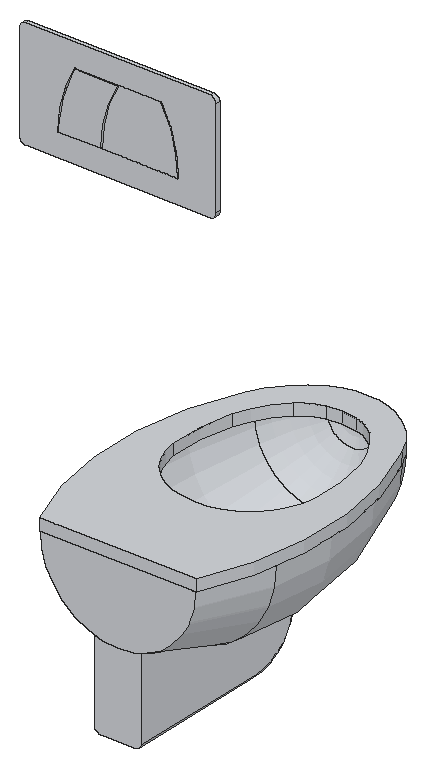
Revit family
Parameters (values of type "540 x 370mm")
  Seat Material = none
  Manufacturer = "Revit"
  Button Placement Height = 1000 mm
  Button Material = none
  Assembly Code = "D2010110"
Reference planes
  plane 1: y = 0
  plane 2 "Center (Left/Right)": x = 125
  plane 3 "Back": y = 75
Text (mm)
  text "Placement side" at (-1787.139, 592.35, 0), in view "Ref. Level"
  text "Placement side" at (0, 1827.695, 2917.686), in view "Left"
  text "Placement side" at (0, 562.268, 3853.606), in view "Right"
Dimensions and locks
  locked: plane 3 "Back" to host wall at 0
  "Button Placement Height": level to nested 1
  level to nested 2 = 430 mm
  aligned and locked: host wall to plane 1
  aligned and locked: plane 2 "Center (Left/Right)" to nested 1
  aligned and locked: plane 3 "Back" to nested 1
  aligned and locked: nested 2 to plane 3 "Back"
Nested families
  nested 1: "WC button" at (125, 75, 1000), type "340 x 190mm"
  nested 2: "WC seat_3" at (125, 75, 122.666), type "540 x 370mm"
Definition of nested family "WC button"
  Parameters (values of type "340 x 190mm")
    Material = none
    Manufacturer = "Revit"
    Assembly Code = "D2010"
  Reference planes
    plane 1 "Center (Front/Back)": y = 0
    plane 2: z = 0
    plane 3 "Center (Left/Right)": x = 0
  Forms (mm)
    Extrusion 1, solid, material <- "Material", detail levels medium+fine
      sketch origin (-125, 135, -900) x (1, 0, 0) y (0, 0, 1)
        loop
          line (285, 1090) -> (-35, 1090)
          arc (-35, 1090) -> (-42.071, 1087.071) -> (-45, 1080) r 10
          line (-45, 1080) -> (-45, 910)
          arc (-45, 910) -> (-42.071, 902.929) -> (-35, 900) r 10
          line (-35, 900) -> (285, 900)
          arc (285, 900) -> (292.071, 902.929) -> (295, 910) r 10
          line (295, 910) -> (295, 1080)
          arc (295, 1080) -> (292.071, 1087.071) -> (285, 1090) r 10
        loop
          line (200, 1050) -> (50, 1050)
          arc (50, 1050) -> (27.772, 996.971) -> (20, 940) r 220.643
          line (20, 940) -> (230, 940)
          arc (230, 940) -> (222.228, 996.971) -> (200, 1050) r 220.643
      from 127.675 to 135
    Extrusion 2, solid, material <- "Material", detail levels medium+fine
      sketch origin (-125, 135, -900) x (1, 0, 0) y (0, 0, 1)
        loop
          arc (228.993, 941) -> (221.207, 996.916) -> (199.424, 1049) r 219.643
          line (199.424, 1049) -> (127.112, 1049)
          arc (127.112, 1049) -> (105.33, 996.916) -> (97.543, 941) r 219.643
          line (97.543, 941) -> (228.993, 941)
        loop
          arc (50.576, 1049) -> (30.444, 996.464) -> (21.007, 941) r 285.457
          line (21.007, 941) -> (95.007, 941)
          arc (95.007, 941) -> (102.966, 996.998) -> (125.213, 1049) r 215.643
          line (125.213, 1049) -> (50.576, 1049)
      from 126.457 to 135
  Dimensions and locks
    locked: Extrusion 1 to Extrusion 1 at 190
    Extrusion 2 to Extrusion 2 to Extrusion 1 = 108 mm locked, 41 mm locked
    locked: Extrusion 1 to Extrusion 1 at 340
    locked: Extrusion 1 to Extrusion 1 at 7.325
    locked: Extrusion 2 to Extrusion 2 at 8.543
    aligned and locked: Extrusion 1 to Extrusion 2
    aligned and locked: Extrusion 1 to level
    aligned and locked: plane 1 "Center (Front/Back)" to Extrusion 1
Definition of nested family "WC seat_3"
  Parameters (values of type "540 x 370mm")
    Material = none
    Manufacturer = "Revit"
    Assembly Code = "D2010110"
  Reference planes
    plane 1 "Center (Front/Back)": y = 0
    plane 2: z = 0
    plane 3 "Center (Left/Right)": x = 0
    plane 4: y = -244.9
  Forms (mm)
    Extrusion 1, solid, material <- "Material"
      sketch origin (0, 0, 307.334) x (1, 0, 0) y (0, 1, 0)
        loop
          arc (-135.826, 0) -> (-184.788, -222.698) -> (-135.826, -445.395) r 530.936
          arc (-135.826, -445.395) -> (-103.297, -493.309) -> (-57.095, -528.225) r 177.786
          arc (-57.095, -528.225) -> (-29.379, -538.163) -> (0, -540.097) r 106.04
          arc (0, -540.097) -> (29.379, -538.163) -> (57.095, -528.225) r 106.04
          arc (57.095, -528.225) -> (103.297, -493.309) -> (135.826, -445.395) r 177.786
          arc (135.826, -445.395) -> (184.788, -222.698) -> (135.826, 0) r 530.936
          line (135.826, 0) -> (-135.826, 0)
        loop
          arc (0, -164.943) -> (-82.812, -194.682) -> (-122.895, -273.012) r 119.653
          arc (-122.895, -273.012) -> (-122.872, -329.692) -> (-111.937, -385.307) r 293.01
          arc (-111.937, -385.307) -> (-93.963, -426.143) -> (-66.545, -461.341) r 180.962
          arc (-66.545, -461.341) -> (-48.002, -474.979) -> (-26.24, -482.474) r 76.384
          arc (-26.24, -482.474) -> (-13.17, -484.4) -> (0, -485.431) r 193.749
          arc (0, -485.431) -> (13.17, -484.4) -> (26.24, -482.474) r 193.749
          arc (26.24, -482.474) -> (48.002, -474.979) -> (66.545, -461.341) r 76.384
          arc (66.545, -461.341) -> (93.963, -426.143) -> (111.937, -385.307) r 180.962
          arc (111.937, -385.307) -> (122.872, -329.692) -> (122.895, -273.012) r 293.01
          arc (122.895, -273.012) -> (82.812, -194.682) -> (0, -164.943) r 119.653
      from -20 to 0
    Blend 2, solid, material <- "Material"
      base sketch origin (0, -124.9, 287.334) x (0, 0, -1) y (-1, 0, 0)
        loop
          line (0, 175) -> (0, -175)
          arc (0, -175) -> (175, 0) -> (0, 175) r 175
      top sketch origin (0, -124.9, 287.334) x (0, 0, -1) y (-1, 0, 0)
        loop
          line (0, 134.95) -> (0, -135.05)
          arc (0, -135.05) -> (135, -0.05) -> (0, 134.95) r 135
      from 0 to 124.9
    Extrusion 3, solid, material <- "Material"
      sketch origin (0, 0, 307.334) x (0, 1, 0) y (0, 0, 1)
        loop
          arc (0, -149.936) -> (-167.199, -182.808) -> (-337.566, -179.507) r 799.626
          line (-337.566, -179.507) -> (-337.566, -207.334)
          arc (-337.566, -207.334) -> (-310.425, -272.859) -> (-244.9, -300) r 92.666
          line (-244.9, -300) -> (0, -300) -> (0, -149.936)
      from -41.163 to 41.173
    Sweep 4, void
      path origin (41.173, 0, 149.324) x (0, 0, 1) y (0, -1, 0)
        loop
          line (-14.324, 337.566) -> (-49.324, 337.566)
          arc (-49.324, 337.566) -> (-114.849, 310.425) -> (-141.99, 244.9) r 92.666
          line (-141.99, 244.9) -> (-141.99, 0)
      profile origin (0, -122.45, 0) x (0, 0, 1) y (1, 0, 0)
        loop
          line (26.442, 42.532) -> (26.442, 53.837) -> (-3.558, 53.837) -> (-3.558, -51.163) -> (26.442, -51.163) -> (26.442, -43.084) -> (22.334, -43.084)
          arc (22.334, -43.084) -> (11.727, -38.69) -> (7.334, -28.084) r 15
          line (7.334, -28.084) -> (7.334, 27.532)
          arc (7.334, 27.532) -> (11.727, 38.139) -> (22.334, 42.532) r 15
          line (22.334, 42.532) -> (26.442, 42.532)
    Revolve 5, solid, material <- "Material"
      sketch origin (0, 0, 287.334) x (1, 0, 0) y (0, 1, 0)
        loop
          arc (-175.703, -124.9) -> (-180.725, -288.254) -> (-135.826, -445.395) r 530.936
          arc (-135.826, -445.395) -> (-103.297, -493.309) -> (-57.095, -528.225) r 177.786
          arc (-57.095, -528.225) -> (-29.379, -538.163) -> (0, -540.097) r 106.04
          line (0, -540.097) -> (0, -515.459)
          arc (0, -515.459) -> (-23.494, -514.305) -> (-45.68, -506.489) r 81.488
          arc (-45.68, -506.489) -> (-85.502, -476.394) -> (-113.538, -435.097) r 153.234
          arc (-113.538, -435.097) -> (-156.641, -282.937) -> (-150.703, -124.9) r 506.385
          line (-150.703, -124.9) -> (-175.703, -124.9)
        axis (0, -540.097) -> (0, -124.9)
      angle from 0 to 180
  Cuts and joins
    Sweep 4 cuts Extrusion 1
    Sweep 4 cuts Blend 2
    Sweep 4 cuts Extrusion 3
  Lines and regions (mm)
    symbolic lines
      curve 1: arc (-135.826, 0, 0) -> (-184.788, -222.698, 0) -> (-135.826, -445.395, 0) r 530.936
      curve 2: arc (-135.826, -445.395, 0) -> (-103.297, -493.309, 0) -> (-57.095, -528.225, 0) r 177.786
      curve 3: arc (-57.095, -528.225, 0) -> (-29.379, -538.163, 0) -> (0, -540.097, 0) r 106.04
      curve 4: arc (0, -540.097, 0) -> (29.379, -538.163, 0) -> (57.095, -528.225, 0) r 106.04
      curve 5: arc (57.095, -528.225, 0) -> (103.297, -493.309, 0) -> (135.826, -445.395, 0) r 177.786
      curve 6: arc (135.826, -445.395, 0) -> (184.788, -222.698, 0) -> (135.826, 0, 0) r 530.936
      curve 7: line (135.826, 0, 0) -> (-135.826, 0, 0)
      curve 12: arc (0, -164.943, 0) -> (82.812, -194.682, 0) -> (122.895, -273.012, 0) r 119.653
      curve 13: arc (122.895, -273.012, 0) -> (122.872, -329.692, 0) -> (111.937, -385.307, 0) r 293.01
      curve 14: arc (111.937, -385.307, 0) -> (93.963, -426.143, 0) -> (66.545, -461.341, 0) r 180.962
      curve 15: arc (66.545, -461.341, 0) -> (48.002, -474.979, 0) -> (26.24, -482.474, 0) r 76.384
      curve 16: arc (26.24, -482.474, 0) -> (13.17, -484.4, 0) -> (0, -485.431, 0) r 193.749
      curve 17: arc (0, -485.431, 0) -> (-13.17, -484.4, 0) -> (-26.24, -482.474, 0) r 193.749
      curve 18: arc (-26.24, -482.474, 0) -> (-48.002, -474.979, 0) -> (-66.545, -461.341, 0) r 76.384
      curve 19: arc (-66.545, -461.341, 0) -> (-93.963, -426.143, 0) -> (-111.937, -385.307, 0) r 180.962
      curve 20: arc (-111.937, -385.307, 0) -> (-122.872, -329.692, 0) -> (-122.895, -273.012, 0) r 293.01
      curve 21: arc (-122.895, -273.012, 0) -> (-82.812, -194.682, 0) -> (0, -164.943, 0) r 119.653
    symbolic lines, detail levels medium+fine
      curve 8: arc (-63.827, -101.182, 0) -> (-71.563, -93.447, 0) -> (-79.298, -101.182, 0) r 7.735
      curve 9: arc (-79.298, -101.182, 0) -> (-71.563, -108.918, 0) -> (-63.827, -101.182, 0) r 7.735
      curve 10: arc (84.558, -101.182, 0) -> (76.822, -93.447, 0) -> (69.087, -101.182, 0) r 7.735
      curve 11: arc (69.087, -101.182, 0) -> (76.822, -108.918, 0) -> (84.558, -101.182, 0) r 7.735
      curve 22: arc (57.356, -315.041, 0) -> (0.005, -353.338, 0) -> (-57.346, -315.041, 0) r 62.091
      curve 23: arc (-57.346, -315.041, 0) -> (-60.2, -305.649, 0) -> (-61.163, -295.881, 0) r 50
      curve 24: line (-61.163, -295.881, 0) -> (-61.163, -275.357, 0)
      curve 25: arc (-61.163, -275.357, 0) -> (-55.305, -261.214, 0) -> (-41.163, -255.357, 0) r 20
      curve 26: line (-41.163, -255.357, 0) -> (41.173, -255.357, 0)
      curve 27: arc (41.173, -255.357, 0) -> (55.315, -261.214, 0) -> (61.173, -275.357, 0) r 20
      curve 28: line (61.173, -275.357, 0) -> (61.173, -295.881, 0)
      curve 29: arc (61.173, -295.881, 0) -> (60.21, -305.649, 0) -> (57.356, -315.041, 0) r 50
